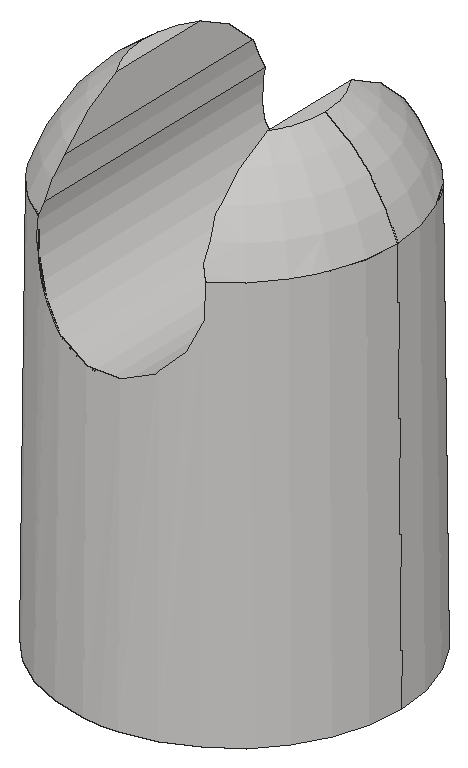
Revit family "Grohe_ShowerRailAndUnion_28605001", category Plumbing Fixtures, host Face, Revit 2020
Family settings
  Host = Face
  Round Connector Dimension = Use Diameter
  Part Type = Normal
  OmniClass Number = 23.45.05.00
  OmniClass Title = Sanitary Equipment
  Cut with Voids When Loaded = No
  Shared = No
  Room Calculation Point = No
Parameters (values of type "Shower Rail and Union (28605001)")
  _ObjectUserGuide = "https://www.bimstore.co/products/grohe-28605001/document/object-user-guide"
  _DistributedBy = "https://www.bimstore.co/"
  _CurrentRevision = 1
  _CreatedBy = "https://www.bimstore.co/"
  _BimSpecGuid = 0
  _BSBibleVersion = 17
  _AuthorizedBy = "bimstore"
  _Author = "RL 168"
  WarrantyStartDate [instance] = "Please Record on Commissioning"
  WarrantyGuarantorParts = "info-uk@grohe.com"
  WarrantyGuarantorLabor = "info-uk@grohe.com"
  WarrantyDurationUnit = "Years"
  WarrantyDurationParts = "0"
  WarrantyDurationLabor = "0"
  WarrantyDescription = "n/a"
  URL = "https://www.grohe.co.uk/en_gb/-28605001.html"
  TypeName = "Shower Rail and Union"
  Type Comments = "Shower Rail and Union"
  TPIDocumentLink = "https://cdn.cloud.grohe.com/tpi/2000/2200/2200/2200/2200847/original/2200847.pdf\r\nhttps://cdn.cloud.grohe.com/tpi/2000/2000/2020/2027/2027936/original/2027936.pdf"
  SustainabilityReport = "green.grohe.com/reporting"
  SustainabilityAward = "green.grohe.com/awards"
  SpareParts = "info-uk@grohe.com"
  Size = "n/a"
  Shape = "n/a"
  SerialNumber [instance] = "Please Record on Commissioning"
  ReplacementCost = "n/a"
  ReferencedStandard = "n/a"
  ProductionYear = "2176"
  ProductType = "Shower Rail and Union"
  ProductShortText = "n/a"
  ProductNumber = "28605001"
  ProductDescription = "n/a"
  PrimaryMaterial = Grohe_Chrome
  PQDiagramLink = "n/a"
  NominalLength = 0 mm
  NominalHeight = 0 mm
  NominalDepth = 0 mm
  NBSReference = "45-35-70/330"
  NBSOfficeMasterTag = "n/a"
  NBSObjectName = "Grohe - Shower fittings package"
  NBSNote = "n/a"
  NBSDescription = "Shower fittings package"
  ModelReference = "Shower Rail and Union"
  ModelNumber = "28605001"
  Model = "Shower Rail and Union"
  Material = "n/a"
  ManufacturerName = "Grohe"
  Manufacturer = "Grohe"
  Keynote = "N166"
  InstallationVideo = "n/a"
  InstallationDate [instance] = "Please Record on Commissioning"
  IfcExportType = "IfcPipeFittingType"
  IfcExportAs = "IfcPipeFitting"
  Grade = "n/a"
  GROHESustainability = "green.grohe.com"
  GROHESocialCommittment = "green.grohe.com/social_engagement"
  FullRecyclabilityOfPlastic = "All plastic components are fully recycable"
  Finish = "n/a"
  Features = "n/a"
  ExpectedLife = 0
  Ecojoy = no
  EF023686 = "not applicable"
  EF022280 = "true"
  EF006009 = "true"
  EF005643 = "Conical"
  EF002671 = "Chrome"
  EF002169 = "not relevant"
  EF000996 = "false"
  EF000010 = "Wall mount"
  DurationUnit = "Years"
  DocumentationTechnical = "https://www.bimstore.co/products/grohe-28605001/document/technical-data-sheet"
  DocumentationMaintenance = "https://www.bimstore.co/products/grohe-28605001/document/maintenance-information"
  DocumentationLiterature = "https://www.bimstore.co/products/grohe-28605001/document/product-literature"
  DocumentationInstallationGuide = "https://www.bimstore.co/products/grohe-28605001/document/installation-guide"
  DocumentationCertificates = "https://www.bimstore.co/products/grohe-28605001/document/product-certificates"
  DimensionsDocumentLink = "https://cdn.cloud.grohe.com/dimdraw/2000/2000/2040/2043/2043819/1280/2043819.jpg"
  Description = "Shower Rail and Union"
  Default Elevation = 0 mm
  CreatedOn = "2023-09-01T:09:00:00"
  CreatedBy = "info-uk@grohe.com"
  CradleToCradleCertification = "n/a"
  Cost = 0
  Constituents = "n/a"
  Color = "Chrome"
  CodePerformance = "n/a"
  ClassificationValue = "Pr_40_20_87_75"
  ClassificationName = "Uniclass2015"
  CO2NeutralProduction = "GROHE is one of the first leading manufacturer within the sanitary industry having a CO2-neutral production."
  BarCode [instance] = "Please Record on Commissioning"
  BIMObjectName = "Grohe_ShowerRailAndUnion_28605001"
  AssetType = "Fixed"
  AssetIdentifier [instance] = "n/a"
  Assembly Code = "D2163"
  AccessibilityPerformance = "n/a"
Reference planes
  plane 1 "Center (Front/Back)": y = 0
  plane 2: z = 0
  plane 3 "Center (Left/Right)": x = 0
Forms (mm)
  Revolve 1, solid, material "Grohe_Chrome"
    sketch origin (0, 0, 0) x (-1, 0, 0) y (0, 0, 1)
      loop
        line (0, 64.097) -> (0, 0) -> (20, 0) -> (19.49, 49.614)
        arc (19.49, 49.614) -> (12.104, 60.03) -> (0, 64.097) r 20.614
      axis (0, 64.097) -> (0, 0)
    angle from 0 to 360
  Extrusion 2, void
    sketch origin (0, 0, 0) x (1, 0, 0) y (0, 0, 1)
      loop
        line (-9.013, 60.806) -> (-9.013, 55.319)
        arc (-9.013, 55.319) -> (-9.4, 53.248) -> (-9.504, 51.144) r 15.59
        arc (-9.504, 51.144) -> (0, 37.386) -> (9.504, 51.144) r 10.162
        arc (9.504, 51.144) -> (9.4, 53.248) -> (9.013, 55.319) r 15.59
        line (9.013, 55.319) -> (9.013, 60.806) -> (12.013, 60.806) -> (12.013, 64.92) -> (-12.013, 64.92) -> (-12.013, 60.806) -> (-9.013, 60.806)
    from -22.5 to 22.5
Cuts and joins
  Extrusion 2 cuts Revolve 1
Dimensions and locks
  aligned and locked: plane 2 to host face
  aligned and locked: level to host face
